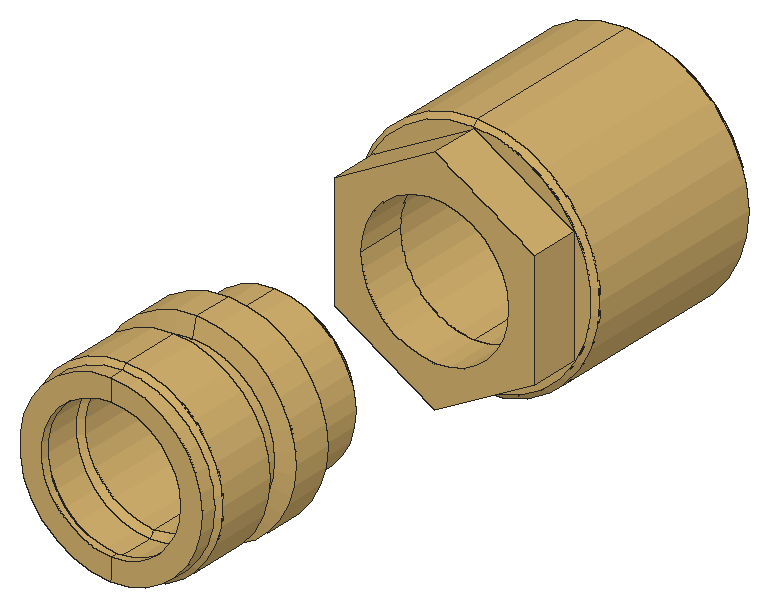
Revit family "PRD_FrankeWS_WCSqttngPns_CAMPUSConnectionSetSquatToilet_ZCMPX0007", category Specialty Equipment, Revit 2018
Family settings
  Round Connector Dimension = Use Diameter
  Part Type = Normal
  OmniClass Number = 23.45.55.11
  OmniClass Title = Sanitary Components
  Work Plane-Based = Yes
  Always vertical = No
  Cut with Voids When Loaded = No
  Shared = No
  Room Calculation Point = No
Parameters (values of type "ZCMPX0007")
  WarrantyStartDate [instance] = "1900-12-31T23:59:59"
  WarrantyGuarantorParts = "n/a"
  WarrantyGuarantorLabor = "n/a"
  WarrantyDurationUnit = "year"
  WarrantyDurationParts = "n/a"
  WarrantyDurationLabor = "n/a"
  WarrantyDescription = "n/a"
  Version = "1"
  Uniclass2015Version = "Products v1.23"
  Uniclass2015Title = "WC squatting pans"
  Uniclass2015Code = "Pr_40_20_93_96"
  URL = "www.kwc.com"
  TailorMade = "No"
  TagNumber [instance] = "n/a"
  SustainabilityPerformance = "n/a"
  Status = "New"
  Size = "n/a"
  Shape = "n/a"
  SerialNumber [instance] = "n/a"
  Revision = "n/a"
  ReplacementCost = "n/a"
  Reference = "n/a"
  QuantityUom = "Piece"
  Quantity = "1"
  ProductInformation = "https://pim.kwc.com/product/2030027502/attachment/datasheet?locale=en"
  ProductCode = "205.0638.903"
  NominalWidth = 0 mm
  NominalLength = 0 mm
  NominalHeight = 0 mm
  NominalDepth = 0 mm
  NetWeight = 0.61 kg
  Name = "CAMPUS Connection set, squat toilet ZCMPX0007"
  NBSTypeID = "n/a"
  NBSReference = "n/a"
  NBSOfficeMasterTag = "n/a"
  NBSNote = "n/a"
  NBSDescription = "n/a"
  NBSCertification = "n/a"
  ModelReference = "ZCMPX0007"
  ModelNumber = "2030027502"
  Model = ModelReference  # "ZCMPX0007"
  Material = "Brass"
  ManufacturerURL = "www.kwc.com"
  ManufacturerName = "KWC Group AG"  # constant formula
  Manufacturer = ManufacturerName  # "KWC Group AG"
  IntegralAccessories = "n/a"
  InstallationDate [instance] = "1900-12-31T23:59:59"
  IfcExportType = "USERDEFINED"
  IfcExportAs = "IfcSanitaryTerminalType"
  GrossWeight = 0.64 kg
  Grade = "n/a"
  Finish = "n/a"
  Features = "male connector and adapter, diameter 28mm, for flush valve"
  ExpectedLife = "n/a"
  DurationUnit = "year"
  Description = "Connection kit for squat pan, consisting of male connector and adapter, diameter 28mm, for flush valve."
  Default Elevation = 1219.2 mm
  CreatedOn = "05/2022"  # constant formula
  Constituents = "n/a"
  Color = "n/a"
  CodePerformance = "n/a"
  Category = "Pr_40_20_93_96, WC squatting pans"
  BodyMaterial = PRD_AR_Brass
  BarCode [instance] = "n/a"
  BIMObjectName = "PRD_AR_WCSquattingPans_CAMPUSConnectionSetSquatToilet_ZCMPX0007"
  Author = "Archispace"  # constant formula
  AssetType = "Fixed"
  AssetIdentifier [instance] = "n/a"
  AccessibilityPerformance = "n/a"
Reference planes
  plane 1 "Center (Front/Back)": y = 0
  plane 2: z = 0
  plane 3 "Center (Left/Right)": x = 0
Forms (mm)
  Revolve 1, solid, material "PRD_AR_Brass" <- "BodyMaterial", detail levels fine
    sketch origin (0, 0, 0) x (0, 1, 0) y (0, 0, 1)
      loop
        line (39, 25) -> (1, 25) -> (0, 24) -> (0, 15.146) -> (20.773, 15.146) -> (22, 17.188) -> (37.3, 17.188) -> (37.3, 22) -> (40, 22) -> (40, 24) -> (39, 25)
      axis (40, 0) -> (0, 0)
    angle from 0 to 360
  Sweep 2, solid, material "PRD_AR_Brass" <- "BodyMaterial", detail levels fine
    path origin (0, 0, 0) x (0, 1, 0) y (0, 0, 1)
      loop
        line (0, 0) -> (-10, 0)
    profile origin (0, -5, 0) x (0, 0, -1) y (1, 0, 0)
      loop
        circle (0, 0) r 15.15
      loop
        line (-23.65, 0) -> (-11.825, -20.482) -> (11.825, -20.482) -> (23.65, 0) -> (11.825, 20.482) -> (-11.825, 20.482) -> (-23.65, 0)
  Revolve 3, solid, material "PRD_AR_Brass" <- "BodyMaterial", detail levels fine
    sketch origin (0, 0, 0) x (0, 1, 0) y (0, 0, 1)
      loop
        line (-50, 13) -> (-50, 15.463) -> (-51.162, 16.625) -> (-63, 16.625) -> (-63, 20.381) -> (-70.993, 20.381) -> (-72, 16.625) -> (-77, 16.625) -> (-77, 19.75) -> (-89, 19.75) -> (-90, 18.75) -> (-93, 18.75) -> (-93, 14.25) -> (-91.5, 14.25) -> (-90.605, 15.146) -> (-83.146, 15.146) -> (-82, 14) -> (-66, 14) -> (-65, 13) -> (-50, 13)
      axis (-50, 0) -> (-93, 0)
    angle from 0 to 360
Dimensions and locks
  aligned and locked: level to plane 2
